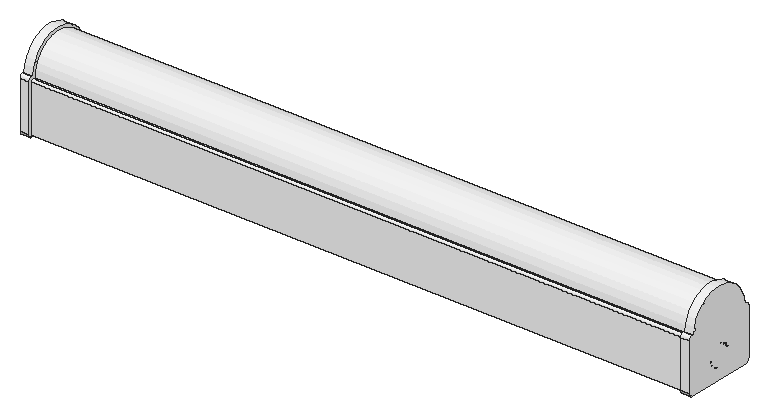
Revit family "0045195 Feilo Sylvania Lighting Fixture SYLBATTEN LED2 6000K DALI TP5 ", category Lighting Fixtures, host Face, Revit 2017
Family settings
  Host = Face
  Round Connector Dimension = Use Diameter
  Part Type = Normal
  OmniClass Number = 23.80.70.00
  OmniClass Title = Lighting
  Cut with Voids When Loaded = No
  Light Source = Yes
  Shared = No
  Room Calculation Point = No
Parameters (values of type "0045195 SYLBATTEN LED2 6000K DALI TP5")
  Width_FEILO = 66 mm
  Weight = "1.5 kg"
  Wattage Comments = "n/a"
  Wattage = 22 W
  WarrantyStartDate [instance] = "n/a"
  WarrantyGuarantorParts = "n/a"
  WarrantyDurationUnit = "n/a"
  WarrantyDurationParts = "n/a"
  WarrantyDescription = "n/a"
  built-in parameter 1150110 = 1 (stored number, unit not read)
  Voltage = 230 V
  URL = "http://www.sylvania-lighting.com"
  TypeName = "SYLBATTEN LED2 6000K DALI TP5"
  Type Image = <None>
  Type Comments = "n/a"
  built-in parameter 1114217 = 1 (stored number, unit not read)
  Tilt Angle = -90.00°
  built-in parameter 1150109 = 1 (stored number, unit not read)
  built-in parameter 1150134 = 5
  SymReflector_FEILO = no
  built-in parameter 1150113 = 1 (stored number, unit not read)
  SerialNumber [instance] = "n/a"
  PowerFactor = 0
  PowerConsumption = "22 W"
  Photometric Web File = "0045195.ies"
  NominalLength = 605 mm
  NominalHeight = 76 mm
  NominalDepth = 66 mm
  Name = "SYLBATTEN LED2 6000K DALI TP5"
  ModelReference = Name  # "SYLBATTEN LED2 6000K DALI TP5"
  ModelNumber = "0045195"
  Model = Name  # "SYLBATTEN LED2 6000K DALI TP5"
  Material_4_FEILO = Reflector-Sylvania-Sylbatten-White
  Material_3_FEILO = Diffuser-Sylvania-Sylbatten-Glow
  Material_2_FEILO = Body-Sylvania-Sylbatten-White
  Material_1_FEILO = Body-Sylvania-Sylbatten-White
  Material = "sheet steel housing, polycarbonate diffuser"
  ManufacturerName = "Feilo Sylvania"
  Manufacturer = "Feilo Sylvania"
  LuminousEfficacy = "110.5 lm/W"
  built-in parameter 1150105 = 193.61 (stored number, unit not read)
  Lumens = 2432.98 lm
  LuminaireType = ""
  built-in parameter 1150115 = 1 (stored number, unit not read)
  LightOutputRatio = "100"
  built-in parameter 1150137 = (empty or 0)
  built-in parameter 1150139 = (empty or 0)
  Length_FEILO = 605 mm
  LampsType = Lamp  # "LED"
  LampNominalLuminous = "2433 lm"
  LampMacAdamStep = "n/a"
  LampColourTemperature = "6000 K"
  LampColourRenderingIndex = "80"
  built-in parameter 1150112 = 1 (stored number, unit not read)
  built-in parameter 1150114 = 1 (stored number, unit not read)
  Lamp = "LED"
  Keynote = "16500"
  InstallationDate [instance] = "n/a"
  InputVoltage = "220-240V~"
  InputNominalFrequency = "n/a"
  built-in parameter 1150132 = (empty or 0)
  built-in parameter 1150102 = (empty or 0)
  built-in parameter 1150107 = 6000 (stored number, unit not read)
  built-in parameter 1150138 = (empty or 0)
  IngressProtection = "IP20"
  ImpactProtectionIndex = "IK07"
  built-in parameter 1150106 = 1.9361 (stored number, unit not read)
  IfcExportType = "IfcLightFixtureType"
  IfcExportAs = "IfcLightFixtureType"
  Height_FEILO = 76 mm
  ExpectedLife = 50000
  Emit from Rectangle Width = Length_FEILO - 16 mm  # 589 mm
  Emit from Rectangle Length = Width_FEILO - 40 mm  # 26 mm
  Emit Shape Visible in Rendering = no
  ElectricShockClassification = "Class I"
  built-in parameter 1150104 = 10.274 (stored number, unit not read)
  DurationUnit = "hours"
  DocumentationLiterature = "http://www.sylvania-lighting.com/product/en-int/products/0045195"
  DimmingControlOptions = "Dimmable"
  Dimming Lamp Color Temperature Shift = <None>
  Description = "LED batten, T8 replacement, ease of installation through 2 part push-in design of the housing (safety cable included), through wiring capability (TP5 = 5 core), sheet steel, 2435LM, 22W, 111lm/W, 6000K, drive current: 350mA, CRI 80, 138° wide beam angle, DALI dimmable, IP20, IK07, 50,000 hrs (L70), (LxWxH) 605x66x76mm, 5 step MacAdam ellipse, 1.8kg, white RAL 9016, Class 1, 220-240V, energy class: A++, A+, A."
  Default Elevation = 1219.2 mm
  CreatedOn = "2/22/2018"
  CreatedBy = ""
  Cost = 0
  Color Filter = 16777215
  built-in parameter 1114216 [instance] = (empty or 0)
  ClassificationValue = "EF_70_80"
  ClassificationName = "Uniclass2015"
  CapOffset_FEILO = 2 mm
  BarCode [instance] = "n/a"
  built-in parameter 1114218 = 1 (stored number, unit not read)
  BackReflector_FEILO = and(not(AsymReflector_FEILO), SymReflector_FEILO)  # no
  built-in parameter 1150133 = 10 (stored number, unit not read)
  FrontReflector_FEILO = or(AsymReflector_FEILO, SymReflector_FEILO)  # no
  AsymReflector_FEILO = no
  AssetType = "Fixed"
  AssetIdentifier [instance] = "n/a"
  Assembly Code = "D5020200"
  Apparent Load = 22 VA
Reference planes
  plane 1 "Center (Front/Back)": y = 0
  plane 2: z = 0
  plane 3 "Center (Left/Right)": x = 0
  plane 4: x = 302.5
  plane 5: x = -302.5
  plane 6: y = 33
  plane 7: y = -33
  plane 8: z = 76
  plane 9: z = 47
  plane 10: y = -29
  plane 11: y = 29
  plane 12: z = 20
  plane 13: z = 74
  plane 14: y = -31
  plane 15: y = -27
  plane 16: y = 27
  plane 17: y = 31
  plane 18: z = 2
  plane 19: x = -294.5
  plane 20: x = 294.5
  plane 21: z = 49
  plane 22: y = 1
  plane 23: y = -1
  plane 24: z = 21
  plane 25: z = 19
  plane 26: y = -61
  plane 27: y = 61
  plane 28: y = -56
  plane 29: y = 56
  plane 30: z = 91
  plane 31: z = 88
Forms (mm)
  Extrusion 1, solid, material "Body-Sylvania-Sylbatten-White" <- "Material_2_FEILO"
    sketch origin (0, 0, 0) x (0, 1, 0) y (0, 0, 1)
      loop
        line (-31, 2) -> (31, 2) -> (31, 45)
        arc (31, 45) -> (30.414, 46.414) -> (29, 47) r 2
        line (29, 47) -> (27, 47)
        arc (27, 47) -> (0, 74) -> (-27, 47) r 27
        line (-27, 47) -> (-29, 47)
        arc (-29, 47) -> (-30.414, 46.414) -> (-31, 45) r 2
        line (-31, 45) -> (-31, 2)
    from -294.5 to 294.5
  Extrusion 2, solid, material "Body-Sylvania-Sylbatten-White" <- "Material_2_FEILO"
    sketch origin (302.5, 1524, 1219.2) x (0, 1, 0) y (0, 0, 1)
      loop
        arc (-1494, -1219.2) -> (-1491.879, -1218.321) -> (-1491, -1216.2) r 3
        line (-1491, -1216.2) -> (-1491, -1173.2)
        arc (-1491, -1173.2) -> (-1491.879, -1171.079) -> (-1494, -1170.2) r 3
        line (-1494, -1170.2) -> (-1495.069, -1170.2)
        arc (-1495.069, -1170.2) -> (-1524, -1143.2) -> (-1552.931, -1170.2) r 29
        line (-1552.931, -1170.2) -> (-1554, -1170.2)
        arc (-1554, -1170.2) -> (-1556.121, -1171.079) -> (-1557, -1173.2) r 3
        line (-1557, -1173.2) -> (-1557, -1216.2)
        arc (-1557, -1216.2) -> (-1556.121, -1218.321) -> (-1554, -1219.2) r 3
        line (-1554, -1219.2) -> (-1494, -1219.2)
      loop
        arc (-1525, -1189.25) -> (-1531.071, -1192.129) -> (-1533.95, -1198.2) r 10
        line (-1533.95, -1198.2) -> (-1532.944, -1198.2)
        arc (-1532.944, -1198.2) -> (-1530.364, -1192.836) -> (-1525, -1190.256) r 9
        line (-1525, -1190.256) -> (-1525, -1189.25)
      loop
        arc (-1523, -1190.256) -> (-1517.636, -1192.836) -> (-1515.056, -1198.2) r 9
        line (-1515.056, -1198.2) -> (-1514.05, -1198.2)
        arc (-1514.05, -1198.2) -> (-1516.929, -1192.129) -> (-1523, -1189.25) r 10
        line (-1523, -1189.25) -> (-1523, -1190.256)
      loop
        line (-1532.944, -1200.2) -> (-1533.95, -1200.2)
        arc (-1533.95, -1200.2) -> (-1531.071, -1206.271) -> (-1525, -1209.15) r 10
        line (-1525, -1209.15) -> (-1525, -1208.144)
        arc (-1525, -1208.144) -> (-1530.364, -1205.564) -> (-1532.944, -1200.2) r 9
      loop
        arc (-1515.056, -1200.2) -> (-1517.636, -1205.564) -> (-1523, -1208.144) r 9
        line (-1523, -1208.144) -> (-1523, -1209.15)
        arc (-1523, -1209.15) -> (-1516.929, -1206.271) -> (-1514.05, -1200.2) r 10
        line (-1514.05, -1200.2) -> (-1515.056, -1200.2)
    from 0 to -8
  Extrusion 3, solid, material "Body-Sylvania-Sylbatten-White" <- "Material_2_FEILO"
    sketch origin (-302.5, 1524, 1219.2) x (0, 1, 0) y (0, 0, 1)
      loop
        arc (-1495.069, -1170.2) -> (-1524, -1143.2) -> (-1552.931, -1170.2) r 29
        line (-1552.931, -1170.2) -> (-1554, -1170.2)
        arc (-1554, -1170.2) -> (-1556.121, -1171.079) -> (-1557, -1173.2) r 3
        line (-1557, -1173.2) -> (-1557, -1216.2)
        arc (-1557, -1216.2) -> (-1556.121, -1218.321) -> (-1554, -1219.2) r 3
        line (-1554, -1219.2) -> (-1494, -1219.2)
        arc (-1494, -1219.2) -> (-1491.879, -1218.321) -> (-1491, -1216.2) r 3
        line (-1491, -1216.2) -> (-1491, -1173.2)
        arc (-1491, -1173.2) -> (-1491.879, -1171.079) -> (-1494, -1170.2) r 3
        line (-1494, -1170.2) -> (-1495.069, -1170.2)
      loop
        line (-1533.95, -1198.2) -> (-1532.944, -1198.2)
        arc (-1532.944, -1198.2) -> (-1530.364, -1192.836) -> (-1525, -1190.256) r 9
        line (-1525, -1190.256) -> (-1525, -1189.25)
        arc (-1525, -1189.25) -> (-1531.071, -1192.129) -> (-1533.95, -1198.2) r 10
      loop
        line (-1523, -1189.25) -> (-1523, -1190.256)
        arc (-1523, -1190.256) -> (-1517.636, -1192.836) -> (-1515.056, -1198.2) r 9
        line (-1515.056, -1198.2) -> (-1514.05, -1198.2)
        arc (-1514.05, -1198.2) -> (-1516.929, -1192.129) -> (-1523, -1189.25) r 10
      loop
        line (-1514.05, -1200.2) -> (-1515.056, -1200.2)
        arc (-1515.056, -1200.2) -> (-1517.636, -1205.564) -> (-1523, -1208.144) r 9
        line (-1523, -1208.144) -> (-1523, -1209.15)
        arc (-1523, -1209.15) -> (-1516.929, -1206.271) -> (-1514.05, -1200.2) r 10
      loop
        line (-1525, -1209.15) -> (-1525, -1208.144)
        arc (-1525, -1208.144) -> (-1530.364, -1205.564) -> (-1532.944, -1200.2) r 9
        line (-1532.944, -1200.2) -> (-1533.95, -1200.2)
        arc (-1533.95, -1200.2) -> (-1531.071, -1206.271) -> (-1525, -1209.15) r 10
    from 0 to 8
  Extrusion 4, solid, material "Reflector-Sylvania-Sylbatten-White" <- "Material_4_FEILO", visible <- "FrontReflector_FEILO"
    sketch origin (0, 0, 0) x (0, 1, 0) y (0, 0, 1)
      loop
        line (-61.257, 88.429) -> (-60.743, 87.571) -> (-56.621, 90.044)
        arc (-56.621, 90.044) -> (-56.237, 90.099) -> (-55.929, 89.863) r 0.5
        line (-55.929, 89.863) -> (-31.435, 46.753) -> (-30.565, 47.247) -> (-55.312, 90.802)
        arc (-55.312, 90.802) -> (-55.928, 91.275) -> (-56.696, 91.165) r 1
        line (-56.696, 91.165) -> (-61.257, 88.429)
    from -294.5 to 294.5
  Extrusion 5, solid, material "Reflector-Sylvania-Sylbatten-White" <- "Material_4_FEILO", visible <- "BackReflector_FEILO"
    sketch origin (0, 0, 0) x (0, 1, 0) y (0, 0, 1)
      loop
        line (30.565, 47.247) -> (31.435, 46.753) -> (55.932, 89.868)
        arc (55.932, 89.868) -> (56.245, 90.112) -> (56.638, 90.062) r 0.518
        line (56.638, 90.062) -> (61.033, 87.565) -> (61.527, 88.435) -> (56.682, 91.188)
        arc (56.682, 91.188) -> (55.922, 91.282) -> (55.318, 90.812) r 1
        line (55.318, 90.812) -> (30.565, 47.247)
    from -294.5 to 294.5
Lines and regions (mm)
  reference lines
    curve 1: line (0, -61, 88) -> (0, -56, 91)
    curve 2: line (0, -56, 91) -> (0, -31, 47)
    curve 3: line (0, 31, 47) -> (0, 56, 91)
    curve 4: line (0, 56, 91) -> (0, 61.28, 88)
Dimensions and locks
  equal spacing: plane 5, plane 3 "Center (Left/Right)", plane 4
  equal spacing: plane 7, plane 1 "Center (Front/Back)", plane 6
  "Width_FEILO": plane 7 to plane 6
  "Length_FEILO": plane 5 to plane 4
  "Height_FEILO": plane 8 to plane 2
  locked: plane 9 to plane 8 at 29
  equal spacing: plane 10, plane 1 "Center (Front/Back)", plane 11
  locked: plane 7 to plane 10 at 4
  locked: plane 12 to plane 2 at 20
  "CapOffset_FEILO": plane 13 to plane 8
  "CapOffset_FEILO": plane 7 to plane 14
  "CapOffset_FEILO": plane 10 to plane 15
  "CapOffset_FEILO": plane 17 to plane 6
  "CapOffset_FEILO": plane 16 to plane 11
  "CapOffset_FEILO": plane 18 to plane 2
  locked: plane 14 to Extrusion 1 sketch curve at 2
  locked: Extrusion 1 sketch curve to plane 9 at 2  (x2)
  locked: plane 16 to Extrusion 1 sketch curve at 2
  equal spacing: plane 19, plane 3 "Center (Left/Right)", plane 20
  locked: plane 5 to plane 19 at 8
  "CapOffset_FEILO": plane 9 to plane 21
  locked: Extrusion 2 sketch curve to plane 2 at 47
  locked: Extrusion 1 sketch curve to plane 2 at 47
  locked: Extrusion 2 sketch curve to plane 2 at 3  (x2)
  locked: plane 7 to Extrusion 2 sketch curve at 3  (x2)
  locked: Extrusion 2 sketch curve to plane 6 at 3  (x2)
  locked: Extrusion 2 sketch curve to plane 21 at 3  (x2)
  equal spacing: plane 23, plane 1 "Center (Front/Back)", plane 22
  equal spacing: plane 25, plane 12, plane 24
  plane 30 to plane 31 to plane 2 = 3 mm locked, 88 mm locked
  plane 28 to plane 29 = 112 mm
  plane 26 to plane 27 = 122 mm
  aligned and locked: plane 2 to host face
  aligned and locked: level to host face
  aligned and locked: plane 18 to Extrusion 1 sketch curve
  aligned and locked: plane 14 to Extrusion 1 sketch curve
  aligned and locked: Extrusion 1 sketch curve to plane 9  (x2)
  aligned and locked: Extrusion 1 sketch curve to plane 17
  aligned and locked: plane 15 to Extrusion 1 sketch curve
  aligned and locked: plane 16 to Extrusion 1 sketch curve
  aligned and locked: plane 9 to Extrusion 1 sketch curve
  aligned and locked: plane 20 to Extrusion 1
  aligned and locked: level to Extrusion 2 sketch curve
  aligned and locked: Extrusion 2 sketch curve to plane 7
  aligned and locked: plane 21 to Extrusion 2 sketch curve
  aligned and locked: Extrusion 2 sketch curve to plane 21
  aligned and locked: plane 1 "Center (Front/Back)" to Extrusion 2 sketch curve  (x3)
  aligned and locked: Extrusion 2 to Extrusion 1
  aligned and locked: plane 4 to Extrusion 2
  aligned and locked: plane 12 to Extrusion 2 sketch curve  (x2)
  aligned and locked: Extrusion 2 sketch curve to plane 22
  aligned and locked: Extrusion 2 sketch curve to plane 23
  aligned and locked: Extrusion 2 sketch curve to plane 24
  aligned and locked: Extrusion 2 sketch curve to plane 25
  aligned and locked: plane 25 to Extrusion 2 sketch curve
  aligned and locked: plane 22 to Extrusion 2 sketch curve
  aligned and locked: plane 24 to Extrusion 2 sketch curve
  aligned and locked: plane 23 to Extrusion 2 sketch curve  (x2)
  aligned and locked: Extrusion 3 sketch curve to Extrusion 2  (x22)
  aligned and locked: Extrusion 3 to Extrusion 1
  aligned and locked: Extrusion 3 to plane 5
  aligned and locked: plane 19 to Extrusion 3
  aligned and locked: plane 31 to curve 1
  aligned and locked: plane 30 to curve 1
  aligned and locked: plane 14 to curve 2
  aligned and locked: plane 9 to curve 2
  aligned and locked: plane 17 to curve 3
  aligned and locked: plane 30 to curve 3
  aligned and locked: plane 31 to curve 4
  aligned and locked: Extrusion 4 sketch curve to curve 2
  aligned and locked: Extrusion 4 sketch curve to curve 1
  aligned and locked: Extrusion 4 to Extrusion 1
  aligned and locked: Extrusion 1 to Extrusion 4
  aligned and locked: imposter light to plane 1 "Center (Front/Back)"
  aligned and locked: imposter light to plane 3 "Center (Left/Right)"
  aligned and locked: imposter light to plane 13
  aligned and locked: Extrusion 5 sketch curve to curve 4
  aligned and locked: Extrusion 5 sketch curve to curve 3
  aligned and locked: Extrusion 1 to Extrusion 5
  aligned and locked: Extrusion 5 to Extrusion 1
Automatic sketch dimensions
  host sketch curve to host sketch curve = 2438.4 mm  (x2)
  Extrusion 2 sketch curve to Extrusion 2 sketch curve = 0 mm  (x14)
  Extrusion 2 sketch curve to plane 10 = 0.069 mm
  plane 23 to Extrusion 2 sketch curve = 8.95 mm
  Extrusion 2 sketch curve to Extrusion 2 sketch curve = 1.006 mm  (x4)
  Extrusion 2 sketch curve to plane 22 = 7.944 mm
  curve 1 to plane 26 = 0 mm
  curve 2 to plane 28 = 0 mm
  curve 4 to plane 29 = 0 mm
  plane 9 to curve 3 = 0 mm
  plane 26 to Extrusion 4 sketch curve = 0.257 mm
  Extrusion 4 sketch curve to plane 26 = 0.257 mm
  Extrusion 4 sketch curve to plane 30 = 0.165 mm
  plane 28 to Extrusion 4 sketch curve = 0.696 mm
  plane 28 to Extrusion 4 sketch curve = 0.621 mm
  plane 28 to Extrusion 4 sketch curve = 0.364 mm
  plane 28 to Extrusion 4 sketch curve = 0.182 mm
  Extrusion 4 sketch curve to plane 28 = 0.071 mm
  plane 30 to Extrusion 4 sketch curve = 0.198 mm
  Extrusion 4 sketch curve to plane 28 = 0.688 mm
  plane 9 to Extrusion 4 sketch curve = 0.247 mm
  plane 1 "Center (Front/Back)" to Extrusion 4 sketch curve = 31.435 mm
  Extrusion 5 sketch curve to plane 9 = 0.247 mm
  Extrusion 5 sketch curve to plane 1 "Center (Front/Back)" = 30.565 mm
  plane 9 to Extrusion 5 sketch curve = 0.247 mm
  plane 30 to Extrusion 5 sketch curve = 0.188 mm
  plane 29 to Extrusion 5 sketch curve = 0.068 mm
  Extrusion 5 sketch curve to plane 29 = 0.188 mm
  Extrusion 5 sketch curve to plane 29 = 0.382 mm
  Extrusion 5 sketch curve to Extrusion 5 sketch curve = 0.256 mm
  Extrusion 5 sketch curve to plane 30 = 0.188 mm
  Extrusion 5 sketch curve to plane 29 = 0.682 mm
  Extrusion 5 sketch curve to plane 27 = 0.033 mm
  Extrusion 5 sketch curve to plane 27 = 0.527 mm
Connectors
  electrical at (0, 0, 0), driven by "Apparent Load", driven by "PowerFactor", driven by "Voltage"
    settings: index 1, voltage 230 V, apparent load 22 VA, apparent load phase1 0 VA, apparent load phase2 0 VA, apparent load phase3 0 VA, power factor 0, load classification "Lighting", number of poles 1, system type 30, power factor state 1, is connector primary yes, connector utility no, sub classification motor no, connector description ""
